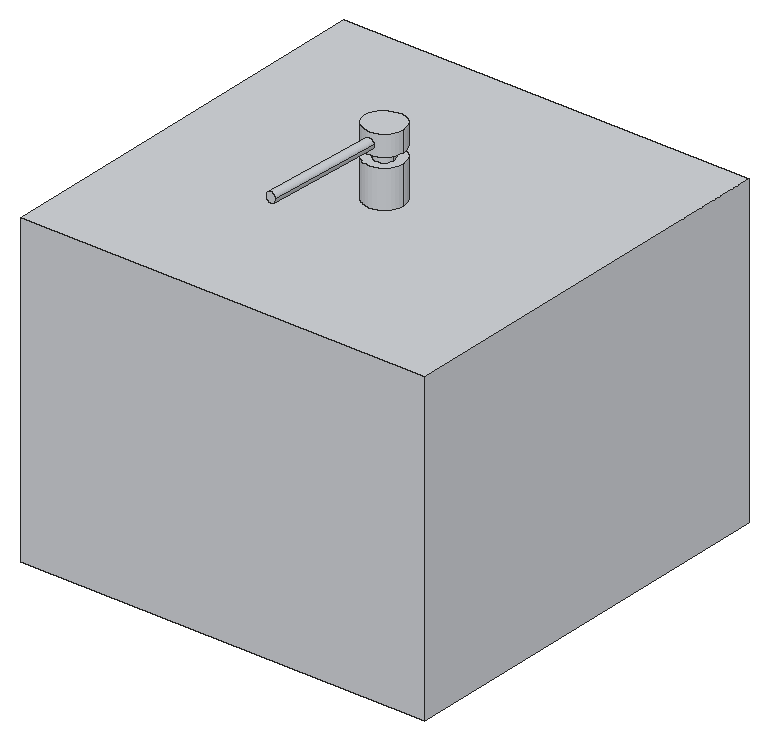
Revit family "AX9436-N140-P_0005", category Appareils sanitaires, Revit 2016
Family settings
  Hôte = Face
  Type d'élément = Normal
  Cote de connecteur circulaire = Utiliser le diamètre
  Couper avec des vides une fois chargée = Non
  Partagée = Non
  Point de calcul de pièce = Non
Parameters
  URL = "https://www.axeuro.com/fr/distributeurs-de-savon-encastres-sur-plan/25340-distributeur-de-savon-encastre-sur-plan-ax9436-n140-p.html"
  Type de produit / Type of product = "Distributeur de savon encastré sur plan / Soap dispenser lavatory-mounted"  # constant formula
  Référence / Reference = "AX9436-N140-P"  # constant formula
  Model = ""
  Manufacturer = ""
  Entreprise / Company = "Axeuro"  # constant formula
  Default Elevation = 1219.2 mm
  Description = ""
Reference planes
  plane 1 "Centre (avant/arrière)": y = 0
  plane 2: z = 0
  plane 3 "Centre (gauche/droite)": x = 0
Forms (mm)
  Extrusion 1, solid
    sketch origin (0, 0, 0) x (1, 0, 0) y (0, 1, 0)
      loop
        line (-200, 200) -> (-200, -200) -> (200, -200) -> (200, 200) -> (-200, 200)
    from 0 to -304.8
  Extrusion 2, solid
    sketch origin (0, 0, -182.853) x (-1, 0, 0) y (0, -1, 0)
      loop
        circle (0, 0) r 9.48
    from 219.812 to 230.133
  Extrusion 3, solid
    sketch origin (0, 0, -182.853) x (-1, 0, 0) y (0, -1, 0)
      loop
        circle (0, 0) r 18.85
    from 230.133 to 250
  Extrusion 4, solid
    sketch origin (0, 0, -214.042) x (-1, 0, 0) y (0, -1, 0)
      loop
        circle (0, 0) r 18.85
    from 214.042 to 251
  Extrusion 5, solid
    sketch origin (0, 0, -183.853) x (-1, 0, 0) y (0, -1, 0)
      loop
        circle (0, 0) r 10.3
    from 70.525 to 183.853
  Extrusion 6, solid
    sketch origin (0, -9.068, -181.94) x (-1, 0, 0) y (0, 0.04476, 0.998998)
      loop
        circle (0, 238.185) r 4.71
    from -141.493 to -17.095
Cuts and joins
  joined: Extrusion 3, Extrusion 6
Dimensions and locks
  aligned and locked: plane 2 to Extrusion 1
  aligned and locked: level to Extrusion 1
